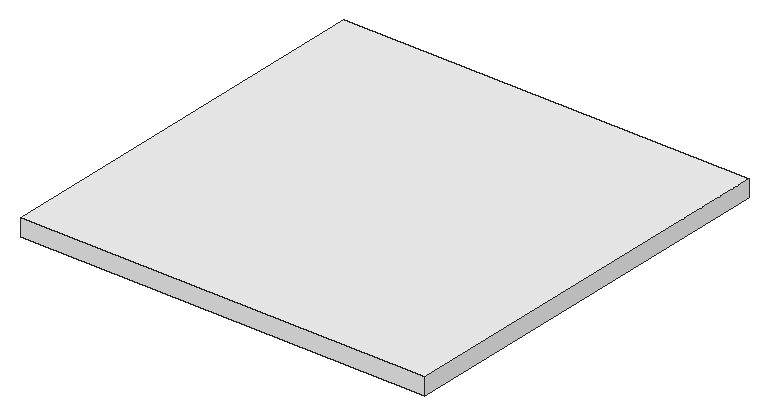
Revit family "Poly-Max-Ceiling-Tiles", category Specialty Equipment, Revit 2025
Family settings
  Round Connector Dimension = Use Diameter
  Part Type = Normal
  OmniClass Number = 23.35.00.00
  OmniClass Title = Covering, Cladding, and Finishes
  Work Plane-Based = Yes
  Enable Cutting in Views = Yes
  Always vertical = No
  Cut with Voids When Loaded = No
  Maintain Annotation Orientation = No
  Shared = No
  Room Calculation Point = No
Parameters (values of type "1 INCH THICK - 2x2 - White")
  ‍      1. Thickness 1" = Thickness Options = 1  # yes
  ‍      0. Thickness 1/2" = Thickness Options = 0  # no
  URL = "https://www.acousticalsurfaces.com/poly-max/ceiling-tile/"
  Type Comments = "Acoustic Panels"
  Thickness Options = 1
  T = if(Thickness Options = 0, 0' 0 1/2", 0' 0") + if(Thickness Options = 1, 0' 1", 0' 0") + if(Thickness Options = 2, 0' 2", 0' 0")  # 0' - 1"
  Recycled Content Percentage = "0%"
  Model = "Poly Max - Ceiling Panels"
  Material = "Poly Max"
  Manufacturer = "Acoustical Surfaces, Inc."
  Fire Rating = "ASTM E84 - Class A"
  Finish = Paint - Acoustical-Surfaces - White
  Width = 1' - 11 3/4"
  Length = 1' - 11 3/4"
  Description = "Acoustic Panels"
  Default Elevation = 4' - 0"
  Assembly Code = "C30"
  Acoustics - NRC = "Sound absorption varies from NRC 0.45 to 0.95 based on installation method used when tested per ASTM C423."
  A = 0' - 0"
Types (54): name | ‍      1. Thickness 1" | ‍      0. Thickness 1/2" | Thickness Options | T | Finish | Width | Length
  1 INCH THICK - 2x2 - White | yes | no | 1 | 0' - 1" | Paint - Acoustical-Surfaces - White | 1' - 11 3/4" | 1' - 11 3/4"
  1 INCH THICK - 2x2 - Beige | yes | no | 1 | 0' - 1" | Paint - Acoustical-Surfaces - Beige | 1' - 11 3/4" | 1' - 11 3/4"
  1 INCH THICK - 2x2- Silver | yes | no | 1 | 0' - 1" | Paint - Acoustical-Surfaces - Silver | 1' - 11 3/4" | 1' - 11 3/4"
  1 INCH THICK - 2x2 - Black | yes | no | 1 | 0' - 1" | Paint - Acoustical-Surfaces - Black | 1' - 11 3/4" | 1' - 11 3/4"
  1 INCH THICK - 2x2 - Printed Graphics | yes | no | 1 | 0' - 1" | Paint - Acoustical-Surfaces - Printed Graphics | 1' - 11 3/4" | 1' - 11 3/4"
  HALF INCH THICK - 2x2 - Orange | no | yes | 0 | 0' - 0 1/2" | Paint - Acoustical-Surfaces - Orange | 1' - 11 3/4" | 1' - 11 3/4"
  HALF INCH THICK - 2x2 - Grey | no | yes | 0 | 0' - 0 1/2" | Paint - Acoustical-Surfaces - Grey | 1' - 11 3/4" | 1' - 11 3/4"
  HALF INCH THICK - 2x2 -White | no | yes | 0 | 0' - 0 1/2" | Paint - Acoustical-Surfaces - White | 1' - 11 3/4" | 1' - 11 3/4"
  HALF INCH THICK - 2x2 - Black | no | yes | 0 | 0' - 0 1/2" | Paint - Acoustical-Surfaces - Black | 1' - 11 3/4" | 1' - 11 3/4"
  HALF INCH THICK - 2x2 - Beige | no | yes | 0 | 0' - 0 1/2" | Paint - Acoustical-Surfaces - Beige | 1' - 11 3/4" | 1' - 11 3/4"
  HALF INCH THICK - 2x2 - Printed Graphics | no | yes | 0 | 0' - 0 1/2" | Paint - Acoustical-Surfaces - Printed Graphics | 1' - 11 3/4" | 1' - 11 3/4"
  HALF INCH THICK - 2x2 - Blue | no | yes | 0 | 0' - 0 1/2" | Paint - Acoustical-Surfaces - Blue | 1' - 11 3/4" | 1' - 11 3/4"
  HALF INCH THICK - 2x2 - Tan | no | yes | 0 | 0' - 0 1/2" | Paint - Acoustical-Surfaces - Tan | 1' - 11 3/4" | 1' - 11 3/4"
  HALF INCH THICK - 2x2 - Purple | no | yes | 0 | 0' - 0 1/2" | Paint - Acoustical-Surfaces - Purple | 1' - 11 3/4" | 1' - 11 3/4"
  HALF INCH THICK - 2x2 - Brown | no | yes | 0 | 0' - 0 1/2" | Paint - Acoustical-Surfaces - Brown | 1' - 11 3/4" | 1' - 11 3/4"
  HALF INCH THICK - 2x2 - Red | no | yes | 0 | 0' - 0 1/2" | Paint - Acoustical-Surfaces - Red | 1' - 11 3/4" | 1' - 11 3/4"
  HALF INCH THICK - 2x2 - Silver | no | yes | 0 | 0' - 0 1/2" | Paint - Acoustical-Surfaces - Silver | 1' - 11 3/4" | 1' - 11 3/4"
  HALF INCH THICK - 4x8 - Printed Grpahics | no | yes | 0 | 0' - 0 1/2" | Paint - Acoustical-Surfaces - Printed Graphics | 4' - 0" | 8' - 0"
  HALF INCH THICK - 4x8 - Lime | no | yes | 0 | 0' - 0 1/2" | Paint - Acoustical-Surfaces - Lime | 4' - 0" | 8' - 0"
  HALF INCH THICK - 4x8 - Orange | no | yes | 0 | 0' - 0 1/2" | Paint - Acoustical-Surfaces - Orange | 4' - 0" | 8' - 0"
  HALF INCH THICK - 4x8 - Red | no | yes | 0 | 0' - 0 1/2" | Paint - Acoustical-Surfaces - Red | 4' - 0" | 8' - 0"
  HALF INCH THICK - 4x8 - Purple | no | yes | 0 | 0' - 0 1/2" | Paint - Acoustical-Surfaces - Purple | 4' - 0" | 8' - 0"
  HALF INCH THICK - 4x8 - Blue | no | yes | 0 | 0' - 0 1/2" | Paint - Acoustical-Surfaces - Blue | 4' - 0" | 8' - 0"
  HALF INCH THICK - 4x8 - Black | no | yes | 0 | 0' - 0 1/2" | Paint - Acoustical-Surfaces - Black | 4' - 0" | 8' - 0"
  HALF INCH THICK - 4x8 - Grey | no | yes | 0 | 0' - 0 1/2" | Paint - Acoustical-Surfaces - Grey | 4' - 0" | 8' - 0"
  HALF INCH THICK - 4x8 - Silver | no | yes | 0 | 0' - 0 1/2" | Paint - Acoustical-Surfaces - Silver | 4' - 0" | 8' - 0"
  HALF INCH THICK - 4x8 - Brown | no | yes | 0 | 0' - 0 1/2" | Paint - Acoustical-Surfaces - Brown | 4' - 0" | 8' - 0"
  HALF INCH THICK - 4x8 - Tan | no | yes | 0 | 0' - 0 1/2" | Paint - Acoustical-Surfaces - Tan | 4' - 0" | 8' - 0"
  HALF INCH THICK - 4x8 - Beige | no | yes | 0 | 0' - 0 1/2" | Paint - Acoustical-Surfaces - Beige | 4' - 0" | 8' - 0"
  HALF INCH THICK - 4x8 - White | no | yes | 0 | 0' - 0 1/2" | Paint - Acoustical-Surfaces - White | 4' - 0" | 8' - 0"
  HALF INCH THICK - 2x4 - Tan | no | yes | 0 | 0' - 0 1/2" | Paint - Acoustical-Surfaces - Tan | 1' - 11 3/4" | 3' - 11 3/4"
  HALF INCH THICK - 2x4 - Brown | no | yes | 0 | 0' - 0 1/2" | Paint - Acoustical-Surfaces - Brown | 1' - 11 3/4" | 3' - 11 3/4"
  HALF INCH THICK - 2x4 - Grey | no | yes | 0 | 0' - 0 1/2" | Paint - Acoustical-Surfaces - Grey | 1' - 11 3/4" | 3' - 11 3/4"
  HALF INCH THICK - 2x4 - Blue | no | yes | 0 | 0' - 0 1/2" | Paint - Acoustical-Surfaces - Blue | 1' - 11 3/4" | 3' - 11 3/4"
  HALF INCH THICK - 2x4 - Purple | no | yes | 0 | 0' - 0 1/2" | Paint - Acoustical-Surfaces - Purple | 1' - 11 3/4" | 3' - 11 3/4"
  HALF INCH THICK - 2x4 - Red | no | yes | 0 | 0' - 0 1/2" | Paint - Acoustical-Surfaces - Red | 1' - 11 3/4" | 3' - 11 3/4"
  HALF INCH THICK - 2x4 - Orange | no | yes | 0 | 0' - 0 1/2" | Paint - Acoustical-Surfaces - Orange | 1' - 11 3/4" | 3' - 11 3/4"
  HALF INCH THICK - 2x4 - Printed Graphics | no | yes | 0 | 0' - 0 1/2" | Paint - Acoustical-Surfaces - Printed Graphics | 1' - 11 3/4" | 3' - 11 3/4"
  HALF INCH THICK - 2x4 - Black | no | yes | 0 | 0' - 0 1/2" | Paint - Acoustical-Surfaces - Black | 1' - 11 3/4" | 3' - 11 3/4"
  HALF INCH THICK - 2x4 - Silver | no | yes | 0 | 0' - 0 1/2" | Paint - Acoustical-Surfaces - Silver | 1' - 11 3/4" | 3' - 11 3/4"
  HALF INCH THICK - 2x4 - Beige | no | yes | 0 | 0' - 0 1/2" | Paint - Acoustical-Surfaces - Beige | 1' - 11 3/4" | 3' - 11 3/4"
  1 INCH THICK - 4x8 - Printed Grpahics | yes | no | 1 | 0' - 1" | Paint - Acoustical-Surfaces - Printed Graphics | 4' - 0" | 8' - 0"
  1 INCH THICK - 4x8 - Silver | yes | no | 1 | 0' - 1" | Paint - Acoustical-Surfaces - Silver | 4' - 0" | 8' - 0"
  1 INCH THICK - 4x8 - Black | yes | no | 1 | 0' - 1" | Paint - Acoustical-Surfaces - Black | 4' - 0" | 8' - 0"
  1 INCH THICK - 4x8 - White | yes | no | 1 | 0' - 1" | Paint - Acoustical-Surfaces - White | 4' - 0" | 8' - 0"
  1 INCH THICK - 2x4- Silver | yes | no | 1 | 0' - 1" | Paint - Acoustical-Surfaces - Silver | 1' - 11 3/4" | 3' - 11 3/4"
  1 INCH THICK - 2x4 - Black | yes | no | 1 | 0' - 1" | Paint - Acoustical-Surfaces - Black | 1' - 11 3/4" | 3' - 11 3/4"
  1 INCH THICK - 2x4 - Beige | yes | no | 1 | 0' - 1" | Paint - Acoustical-Surfaces - Beige | 1' - 11 3/4" | 3' - 11 3/4"
  1 INCH THICK - 2x4 - White | yes | no | 1 | 0' - 1" | Paint - Acoustical-Surfaces - White | 1' - 11 3/4" | 3' - 11 3/4"
  1 INCH THICK - 2x4 - Printed Graphics | yes | no | 1 | 0' - 1" | Paint - Acoustical-Surfaces - Printed Graphics | 1' - 11 3/4" | 3' - 11 3/4"
  HALF INCH THICK - 2x2 - Lime | no | yes | 0 | 0' - 0 1/2" | Paint - Acoustical-Surfaces - Lime | 1' - 11 3/4" | 1' - 11 3/4"
  HALF INCH THICK - 2x4 - Lime | no | yes | 0 | 0' - 0 1/2" | Paint - Acoustical-Surfaces - Lime | 1' - 11 3/4" | 3' - 11 3/4"
  HALF INCH THICK - 2x4 - White | no | yes | 0 | 0' - 0 1/2" | Paint - Acoustical-Surfaces - White | 1' - 11 3/4" | 3' - 11 3/4"
  1 INCH THICK - 4x8 - Beige | yes | no | 1 | 0' - 1" | Paint - Acoustical-Surfaces - Beige | 4' - 0" | 8' - 0"
Reference planes (in)
  plane 1 "Center (Front/Back)": y = 0
  plane 2: z = 0
  plane 3 "Center (Left/Right)": x = 0
  plane 4: x = -11.875
  plane 5: x = 11.875
  plane 6: y = 11.875
  plane 7: y = -11.875
Dimensions and locks (in)
  "A": nested 1 to level
  equal spacing: plane 4, plane 3 "Center (Left/Right)", plane 5
  equal spacing: plane 6, plane 1 "Center (Front/Back)", plane 7
  "Width": plane 6 to plane 7
  "Length": plane 4 to plane 5
  aligned and locked: level to plane 2
Nested families (in)
  nested 1: "Square" at (0, 0, 0), type "Square"
    with B 1' - 11 3/4", A 1' - 11 3/4"
Definition of nested family "Square"
  Parameters (values of type "Square")
    Thickness = 0' - 1"
    Material = none
    Default Elevation = 0' - 0"
    B = 2' - 0"
    A = 4' - 0"
  Reference planes (in)
    plane 1 "Center (Front/Back)": y = 0
    plane 2: z = 0
    plane 3 "Center (Left/Right)": x = 0
    plane 4: x = -24
    plane 5: x = 24
    plane 6: y = 12
    plane 7: y = -12
    plane 8: z = 1
  Forms (in)
    Extrusion 1, solid, material <- "Material"
      sketch origin (0, 0, 0) x (1, 0, 0) y (0, 1, 0)
        loop
          line (24, 12) -> (-24, 12) -> (-24, -12) -> (24, -12) -> (24, 12)
      from 0 to 1
  Dimensions and locks (in)
    equal spacing: plane 4, plane 3 "Center (Left/Right)", plane 5
    equal spacing: plane 7, plane 1 "Center (Front/Back)", plane 6
    "B": plane 7 to plane 6
    "A": plane 4 to plane 5
    "Thickness": plane 8 to level
    aligned and locked: level to plane 2
    aligned and locked: Extrusion 1 sketch curve to plane 4
    aligned and locked: plane 5 to Extrusion 1 sketch curve
    aligned and locked: Extrusion 1 sketch curve to plane 6
    aligned and locked: Extrusion 1 sketch curve to plane 7
    aligned and locked: Extrusion 1 to plane 8
